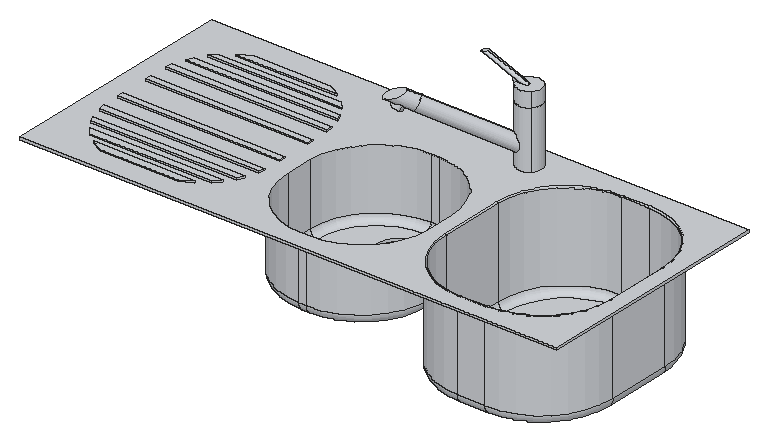
Revit family
Parameters (values of type "1120 x 500mm")
  Tap Material = none
  Material = none
  Description = "Sink"
  Assembly Code = ""
Reference planes
  plane 1 "Center (Front/Back)": y = 0
  plane 2: z = 0
  plane 3 "Center (Left/Right)": x = 0
  plane 4: z = 200
Forms (mm)
  Extrusion 1, solid, material <- "Material"
    sketch origin (0, 0, 0) x (1, 0, 0) y (0, 1, 0)
      loop
        line (-560, 250.228) -> (-560, -249.772) -> (560, -249.772) -> (560, 250.228) -> (-560, 250.228)
      loop
        arc (-3.468, 140.793) -> (-113.07, 95.395) -> (-158.468, -14.207) r 155
        line (-158.468, -14.207) -> (-158.468, -73.011)
        arc (-158.468, -73.011) -> (-113.07, -182.613) -> (-3.468, -228.011) r 155
        line (-3.468, -228.011) -> (12.516, -228.011)
        arc (12.516, -228.011) -> (122.118, -182.613) -> (167.516, -73.011) r 155
        line (167.516, -73.011) -> (167.516, -14.207)
        arc (167.516, -14.207) -> (122.118, 95.395) -> (12.516, 140.793) r 155
        line (12.516, 140.793) -> (-3.468, 140.793)
      loop
        arc (326.846, 225.191) -> (215.123, 178.914) -> (168.846, 67.191) r 158
        line (168.846, 67.191) -> (168.846, -69.583)
        arc (168.846, -69.583) -> (215.123, -181.306) -> (326.846, -227.583) r 158
        line (326.846, -227.583) -> (384.647, -227.583)
        arc (384.647, -227.583) -> (496.37, -181.306) -> (542.647, -69.583) r 158
        line (542.647, -69.583) -> (542.647, 67.191)
        arc (542.647, 67.191) -> (496.37, 178.914) -> (384.647, 225.191) r 158
        line (384.647, 225.191) -> (326.846, 225.191)
    from 195 to 200
  Extrusion 2, solid, material <- "Material"
    sketch origin (541.731, 0, 0) x (1, 0, 0) y (0, 1, 0)
      loop
        arc (-325.184, -69.583) -> (-292.878, -147.577) -> (-214.885, -179.883) r 110.3
        line (-214.885, -179.883) -> (-157.084, -179.883)
        arc (-157.084, -179.883) -> (-79.09, -147.577) -> (-46.784, -69.583) r 110.3
        line (-46.784, -69.583) -> (-46.784, 67.191)
        arc (-46.784, 67.191) -> (-79.09, 145.185) -> (-157.084, 177.491) r 110.3
        line (-157.084, 177.491) -> (-214.885, 177.491)
        arc (-214.885, 177.491) -> (-292.878, 145.185) -> (-325.184, 67.191) r 110.3
        line (-325.184, 67.191) -> (-325.184, -69.583)
      loop
        circle (-185.984, 113.214) r 47.433
    from -5 to 0
  Sweep 3, solid, material <- "Material"
    path origin (541.731, 0, 0) x (1, 0, 0) y (0, 1, 0)
      loop
        arc (-354.885, -69.583) -> (-313.88, -168.578) -> (-214.885, -209.583) r 140
        line (-214.885, -209.583) -> (-157.084, -209.583)
        arc (-157.084, -209.583) -> (-58.089, -168.578) -> (-17.084, -69.583) r 140
        line (-17.084, -69.583) -> (-17.084, 67.191)
        arc (-17.084, 67.191) -> (-58.089, 166.186) -> (-157.084, 207.191) r 140
        line (-157.084, 207.191) -> (-214.885, 207.191)
        arc (-214.885, 207.191) -> (-313.88, 166.186) -> (-354.885, 67.191) r 140
        line (-354.885, 67.191) -> (-354.885, -69.583)
    profile origin (0, -1.196, 0) x (-1, 0, 0) y (0, 0, 1)
      loop
        line (-168.846, 200) -> (-181.857, 200)
        arc (-181.857, 200) -> (-183.264, 199.417) -> (-183.846, 198.011) r 1.989
        line (-183.846, 198.011) -> (-183.846, 15)
        arc (-183.846, 15) -> (-188.24, 4.393) -> (-198.846, 0) r 15
        line (-198.846, 0) -> (-216.546, 0) -> (-216.546, -5) -> (-198.846, -5)
        arc (-198.846, -5) -> (-184.704, 0.858) -> (-178.846, 15) r 20
        line (-178.846, 15) -> (-178.846, 195) -> (-168.846, 195) -> (-168.846, 200)
  Sweep 4, solid, material <- "Material"
    path origin (-9.13, -15, 0) x (1, 0, 0) y (0, 1, 0)
      loop
        line (-134.338, 0.793) -> (-134.338, -58.011)
        arc (-134.338, -58.011) -> (-93.333, -157.006) -> (5.662, -198.011) r 140
        line (5.662, -198.011) -> (21.646, -198.011)
        arc (21.646, -198.011) -> (120.641, -157.006) -> (161.646, -58.011) r 140
        line (161.646, -58.011) -> (161.646, 0.793)
        arc (161.646, 0.793) -> (120.641, 99.788) -> (21.646, 140.793) r 140
        line (21.646, 140.793) -> (5.662, 140.793)
        arc (5.662, 140.793) -> (-93.333, 99.788) -> (-134.338, 0.793) r 140
    profile origin (0, -43.609, 0) x (1, 0, 0) y (0, 0, 1)
      loop
        line (-158.468, 200) -> (-158.468, 195) -> (-148.468, 195) -> (-148.468, 71.944)
        arc (-148.468, 71.944) -> (-142.61, 57.802) -> (-128.468, 51.944) r 20
        line (-128.468, 51.944) -> (-110.768, 51.944) -> (-110.768, 56.944) -> (-128.468, 56.944)
        arc (-128.468, 56.944) -> (-139.075, 61.338) -> (-143.468, 71.944) r 15
        line (-143.468, 71.944) -> (-143.468, 200) -> (-158.468, 200)
  Extrusion 5, solid, material <- "Material"
    sketch origin (192.75, -74.178, 0) x (1, 0, 0) y (0, 1, 0)
      loop
        line (-180.234, 167.271) -> (-196.218, 167.271)
        arc (-196.218, 167.271) -> (-272.091, 135.844) -> (-303.518, 59.972) r 107.3
        line (-303.518, 59.972) -> (-303.518, 1.167)
        arc (-303.518, 1.167) -> (-272.091, -74.705) -> (-196.218, -106.133) r 107.3
        line (-196.218, -106.133) -> (-180.234, -106.133)
        arc (-180.234, -106.133) -> (-104.362, -74.705) -> (-72.934, 1.167) r 107.3
        line (-72.934, 1.167) -> (-72.934, 59.972)
        arc (-72.934, 59.972) -> (-104.362, 135.844) -> (-180.234, 167.271) r 107.3
      loop
        circle (-188.427, 109.786) r 47.433
    from 51.944 to 56.944
  Extrusion 6, solid, material <- "Material", detail levels medium+fine
    sketch origin (0, 0, 200) x (1, 0, 0) y (0, 1, 0)
      loop
        arc (-428.457, 194.228) -> (-441.991, 188.115) -> (-454.801, 180.602) r 140
        line (-454.801, 180.602) -> (-242.745, 180.602)
        arc (-242.745, 180.602) -> (-255.555, 188.115) -> (-269.089, 194.228) r 140
        line (-269.089, 194.228) -> (-428.457, 194.228)
      loop
        arc (-475.85, 163.57) -> (-482.149, 156.955) -> (-488.004, 149.944) r 140
        line (-488.004, 149.944) -> (-209.542, 149.944)
        arc (-209.542, 149.944) -> (-215.396, 156.955) -> (-221.696, 163.57) r 140
        line (-221.696, 163.57) -> (-475.85, 163.57)
      loop
        arc (-500.821, 130.357) -> (-504.227, 123.63) -> (-507.267, 116.731) r 140
        line (-507.267, 116.731) -> (-190.279, 116.731)
        arc (-190.279, 116.731) -> (-193.319, 123.63) -> (-196.725, 130.357) r 140
        line (-196.725, 130.357) -> (-500.821, 130.357)
      loop
        arc (-515.129, 90.331) -> (-516.269, 83.542) -> (-517.074, 76.705) r 140
        line (-517.074, 76.705) -> (-180.472, 76.705)
        arc (-180.472, 76.705) -> (-181.277, 83.542) -> (-182.417, 90.331) r 140
        line (-182.417, 90.331) -> (-515.129, 90.331)
      loop
        line (-517.673, 38.382) -> (-517.673, 24.756) -> (-179.873, 24.756) -> (-179.873, 38.382) -> (-517.673, 38.382)
      loop
        line (-517.673, -34.004) -> (-517.673, -47.63) -> (-179.873, -47.63) -> (-179.873, -34.004) -> (-517.673, -34.004)
      loop
        arc (-517.074, -85.952) -> (-516.269, -92.789) -> (-515.129, -99.578) r 140
        line (-515.129, -99.578) -> (-182.417, -99.578)
        arc (-182.417, -99.578) -> (-181.277, -92.789) -> (-180.472, -85.952) r 140
        line (-180.472, -85.952) -> (-517.074, -85.952)
      loop
        arc (-507.267, -125.978) -> (-504.227, -132.878) -> (-500.821, -139.604) r 140
        line (-500.821, -139.604) -> (-196.725, -139.604)
        arc (-196.725, -139.604) -> (-193.319, -132.878) -> (-190.279, -125.978) r 140
        line (-190.279, -125.978) -> (-507.267, -125.978)
      loop
        arc (-488.004, -159.192) -> (-482.149, -166.203) -> (-475.85, -172.817) r 140
        line (-475.85, -172.817) -> (-221.696, -172.817)
        arc (-221.696, -172.817) -> (-215.396, -166.203) -> (-209.542, -159.192) r 140
        line (-209.542, -159.192) -> (-488.004, -159.192)
      loop
        arc (-454.801, -189.85) -> (-441.991, -197.362) -> (-428.457, -203.476) r 140
        line (-428.457, -203.476) -> (-269.089, -203.476)
        arc (-269.089, -203.476) -> (-255.555, -197.362) -> (-242.745, -189.85) r 140
        line (-242.745, -189.85) -> (-454.801, -189.85)
    from 0 to 3
Cuts and joins
  joined: Extrusion 1, Extrusion 2, Sweep 3, Sweep 4, Extrusion 5
Lines and regions (mm)
  symbolic lines
    curve 1: line (-560, 250.228, 0) -> (560, 250.228, 0)
    curve 2: line (560, 250.228, 0) -> (560, -249.772, 0)
    curve 3: line (560, -249.772, 0) -> (-560, -249.772, 0)
    curve 4: line (-560, -249.772, 0) -> (-560, 250.228, 0)
    curve 5: line (-148.762, 139.066, 0) -> (155.735, 139.066, 0)
    curve 6: arc (155.735, 139.066, 0) -> (181.902, 145.072, 0) -> (202.83, 161.889, 0) r 60
    curve 7: arc (202.83, 161.889, 0) -> (257.94, 206.174, 0) -> (326.846, 221.991, 0) r 158
    curve 8: line (326.846, 221.991, 0) -> (384.647, 221.991, 0)
    curve 9: arc (384.647, 221.991, 0) -> (496.37, 175.714, 0) -> (542.647, 63.991, 0) r 158
    curve 10: line (542.647, 63.991, 0) -> (542.647, -72.783, 0)
    curve 11: arc (542.647, -72.783, 0) -> (496.37, -184.506, 0) -> (384.647, -230.783, 0) r 158
    curve 12: line (384.647, -230.783, 0) -> (326.846, -230.783, 0)
    curve 13: line (326.846, -230.783, 0) -> (-377.673, -230.783, 0)
    curve 14: arc (-377.673, -230.783, 0) -> (-489.396, -184.506, 0) -> (-535.673, -72.783, 0) r 158
    curve 15: line (-535.673, -72.783, 0) -> (-535.673, 63.991, 0)
    curve 16: arc (-535.673, 63.991, 0) -> (-489.396, 175.714, 0) -> (-377.673, 221.991, 0) r 158
    curve 17: line (-377.673, 221.991, 0) -> (-319.873, 221.991, 0)
    curve 18: arc (-319.873, 221.991, 0) -> (-250.966, 206.174, 0) -> (-195.857, 161.889, 0) r 158
    curve 19: arc (-195.857, 161.889, 0) -> (-174.929, 145.072, 0) -> (-148.762, 139.066, 0) r 60
    curve 20: arc (326.846, 203.991, 0) -> (227.851, 162.986, 0) -> (186.846, 63.991, 0) r 140
    curve 21: line (186.846, 63.991, 0) -> (186.846, -72.783, 0)
    curve 22: arc (186.846, -72.783, 0) -> (227.851, -171.778, 0) -> (326.846, -212.783, 0) r 140
    curve 23: line (326.846, -212.783, 0) -> (384.647, -212.783, 0)
    curve 24: arc (384.647, -212.783, 0) -> (483.642, -171.778, 0) -> (524.647, -72.783, 0) r 140
    curve 25: line (524.647, -72.783, 0) -> (524.647, 63.991, 0)
    curve 26: arc (524.647, 63.991, 0) -> (483.642, 162.986, 0) -> (384.647, 203.991, 0) r 140
    curve 27: line (384.647, 203.991, 0) -> (326.846, 203.991, 0)
    curve 28: arc (415.603, 110.014, 0) -> (355.746, 169.871, 0) -> (295.89, 110.014, 0) r 59.856
    curve 29: arc (295.89, 110.014, 0) -> (355.746, 50.158, 0) -> (415.603, 110.014, 0) r 59.856
    curve 30: arc (403.18, 110.014, 0) -> (355.746, 157.448, 0) -> (308.313, 110.014, 0) r 47.433
    curve 31: arc (308.313, 110.014, 0) -> (355.746, 62.581, 0) -> (403.18, 110.014, 0) r 47.433
    curve 32: line (355.746, 128.073, 0) -> (355.746, 184.507, 0)
    curve 33: line (373.805, 110.014, 0) -> (430.239, 110.014, 0)
    curve 34: line (355.746, 91.956, 0) -> (355.746, 35.522, 0)
    curve 35: line (337.688, 110.014, 0) -> (281.254, 110.014, 0)
    curve 36: line (-143.468, -6.824, 0) -> (-143.468, -72.783, 0)
    curve 37: arc (-143.468, -72.783, 0) -> (-113.988, -169.597, 0) -> (-22.462, -212.783, 0) r 124.888
    curve 38: line (-22.462, -212.783, 0) -> (35.339, -212.783, 0)
    curve 39: arc (35.339, -212.783, 0) -> (125.372, -169.101, 0) -> (152.516, -72.783, 0) r 122.107
    curve 40: line (152.516, -72.783, 0) -> (152.516, -13.979, 0)
    curve 41: arc (152.516, -13.979, 0) -> (125.372, 82.34, 0) -> (35.339, 126.021, 0) r 122.107
    curve 42: line (35.339, 126.021, 0) -> (-22.462, 126.021, 0)
    curve 43: arc (-22.462, 126.021, 0) -> (-113.988, 82.835, 0) -> (-143.468, -13.979, 0) r 124.888
    curve 44: arc (64.179, 35.836, 0) -> (4.323, 95.693, 0) -> (-55.533, 35.836, 0) r 59.856
    curve 45: arc (-55.533, 35.836, 0) -> (4.323, -24.02, 0) -> (64.179, 35.836, 0) r 59.856
    curve 46: arc (51.756, 35.836, 0) -> (4.323, 83.27, 0) -> (-43.11, 35.836, 0) r 47.433
    curve 47: arc (-43.11, 35.836, 0) -> (4.323, -11.597, 0) -> (51.756, 35.836, 0) r 47.433
    curve 48: line (22.382, 35.836, 0) -> (78.816, 35.836, 0)
    curve 49: line (-13.736, 35.836, 0) -> (-70.17, 35.836, 0)
    curve 50: line (4.323, 17.777, 0) -> (4.323, -38.656, 0)
    curve 51: line (4.323, 53.895, 0) -> (4.323, 18.783, 0)
    curve 52: line (-377.673, 203.991, 0) -> (-319.873, 203.991, 0)
    curve 53: arc (-319.873, 203.991, 0) -> (-220.878, 162.986, 0) -> (-179.873, 63.991, 0) r 140
    curve 54: line (-179.873, 63.991, 0) -> (-179.873, -72.783, 0)
    curve 55: arc (-179.873, -72.783, 0) -> (-220.878, -171.778, 0) -> (-319.873, -212.783, 0) r 140
    curve 56: line (-319.873, -212.783, 0) -> (-377.673, -212.783, 0)
    curve 57: arc (-377.673, -212.783, 0) -> (-476.668, -171.778, 0) -> (-517.673, -72.783, 0) r 140
    curve 58: line (-517.673, -72.783, 0) -> (-517.673, 63.991, 0)
    curve 59: arc (-517.673, 63.991, 0) -> (-476.668, 162.986, 0) -> (-377.673, 203.991, 0) r 140
    curve 60: line (-428.457, 194.456, 0) -> (-269.089, 194.456, 0)
    curve 61: line (-454.801, 180.83, 0) -> (-242.745, 180.83, 0)
    curve 62: line (-475.85, 163.798, 0) -> (-221.696, 163.798, 0)
    curve 63: line (-488.004, 150.172, 0) -> (-209.542, 150.172, 0)
    curve 64: line (-500.821, 130.585, 0) -> (-196.725, 130.585, 0)
    curve 65: line (-507.267, 116.959, 0) -> (-190.279, 116.959, 0)
    curve 66: line (-515.129, 90.559, 0) -> (-182.417, 90.559, 0)
    curve 67: line (-517.074, 76.933, 0) -> (-180.472, 76.933, 0)
    curve 68: line (-517.673, 38.61, 0) -> (-179.873, 38.61, 0)
    curve 69: line (-517.673, 24.984, 0) -> (-179.873, 24.984, 0)
    curve 70: line (-517.673, -33.776, 0) -> (-179.873, -33.776, 0)
    curve 71: line (-517.673, -47.401, 0) -> (-179.873, -47.401, 0)
    curve 72: line (-517.074, -85.724, 0) -> (-180.472, -85.724, 0)
    curve 73: line (-515.129, -99.35, 0) -> (-182.417, -99.35, 0)
    curve 74: line (-507.267, -125.75, 0) -> (-190.279, -125.75, 0)
    curve 75: line (-500.821, -139.376, 0) -> (-196.725, -139.376, 0)
    curve 76: line (-488.004, -158.964, 0) -> (-209.542, -158.964, 0)
    curve 77: line (-475.85, -172.589, 0) -> (-221.696, -172.589, 0)
    curve 78: line (-454.801, -189.622, 0) -> (-242.745, -189.622, 0)
    curve 79: line (-428.457, -203.248, 0) -> (-269.089, -203.248, 0)
Dimensions and locks
  aligned and locked: plane 4 to nested 1
  aligned and locked: Sweep 4 to Extrusion 5
  aligned and locked: Extrusion 5 to Sweep 4
Nested families
  nested 1: "Tap" at (144.843, 198.125, 200) x (0.7547, -0.6561, 0) z (0, 0, 1), type "Tap"
Definition of nested family "Tap"
  Parameters
    Tap Material = none
  Reference planes
    plane 1 "Center (Front/Back)": y = 0
    plane 2: z = 0
    plane 3 "Center (Left/Right)": x = 0
    plane 4: z = 50
    plane 5: z = 150
    plane 6: through (0, 6.419, 11.669) normal (0, -0.482, -0.8762)
    plane 7 "1": through (0, 0, 0) normal (-0.7071, 0.7071, 0)
  Forms (mm)
    Extrusion 1, solid, material <- "Tap Material"
      sketch origin (0, 0, 0) x (1, 0, 0) y (0, 1, 0)
        loop
          circle (0, 0) r 25
      from 0 to 120
    Extrusion 2, solid, material <- "Tap Material"
      sketch origin (0, 0, 120) x (1, 0, 0) y (0, 1, 0)
        loop
          circle (0, 0) r 25
      from 0 to 30
    Sweep 3, solid, material <- "Tap Material"
      path origin (0, 0, 0) x (0, 1, 0) y (0, 0, 1)
        loop
          line (-7.059, 38.349) -> (-187.156, 137.42)
      profile origin (0, -111.663, 61.425) x (0, -0.481984, -0.87618) y (1, 0, 0)
        loop
          circle (-28.318, 0) r 15
    Sweep 4, solid, material <- "Tap Material"
      path origin (0, 0, 0) x (0, 1, 0) y (0, 0, 1)
        loop
          line (-188.063, 135.772) -> (-236.252, 162.281)
      profile origin (0, -225.806, 124.215) x (0, -0.481984, -0.87618) y (1, 0, 0)
        loop
          circle (-28.318, 0) r 15
    Extrusion 5, void
      sketch origin (0, 0, 0) x (0, -1, 0) y (0, 0, 1)
        loop
          line (202.737, 160.964) -> (243.482, 149.139) -> (229.023, 175.424) -> (202.737, 160.964)
      from -54.803 to 30
    Extrusion 6, solid, material <- "Tap Material"
      sketch origin (0, 6.419, 11.669) x (0, -0.87618, 0.481984) y (-1, 0, 0)
        loop
          circle (255.217, 0) r 11
      from -7.514 to 6.121
    Sweep 7, solid, material <- "Tap Material"
      path origin (0, 0, 0) x (-0.707107, -0.707107, 0) y (0, 0, 1)
        loop
          line (1.612, 146.811) -> (92.243, 189.073)
      profile origin (-72.741, -72.741, 47.97) x (0.298836, 0.298836, 0.906308) y (-0.707107, 0.707107, 0)
        loop
          circle (131.377, 0) r 5
    Extrusion 8, solid, material <- "Tap Material"
      sketch origin (0, 0, 0) x (-0.707107, -0.707107, 0) y (0, 0, 1)
        loop
          line (30.984, 158.177) -> (9.675, 150.421) -> (9.675, 133.671) -> (26.663, 133.671) -> (30.984, 158.177)
      from -4.433 to 4.388
    Extrusion 9, void
      sketch origin (0, 0, 0) x (0.707107, 0.707107, 0) y (0, 0, 1)
        loop
          line (-99.984, 182.242) -> (-73.884, 189.236) -> (-99.984, 198.735) -> (-99.984, 182.242)
      from -20.858 to 30
  Cuts and joins
    Extrusion 5, Extrusion 9 cuts Extrusion 1
    Extrusion 5, Extrusion 9 cuts Sweep 3
    joined: Extrusion 1, Sweep 3
    Extrusion 5, Extrusion 9 cuts Extrusion 2
    Extrusion 9 cuts Sweep 7
    Extrusion 9 cuts Extrusion 8
    joined: Extrusion 2, Sweep 7, Extrusion 8
    Extrusion 5, Extrusion 9 cuts Sweep 4
    Extrusion 9 cuts Extrusion 6
    joined: Sweep 4, Extrusion 6
